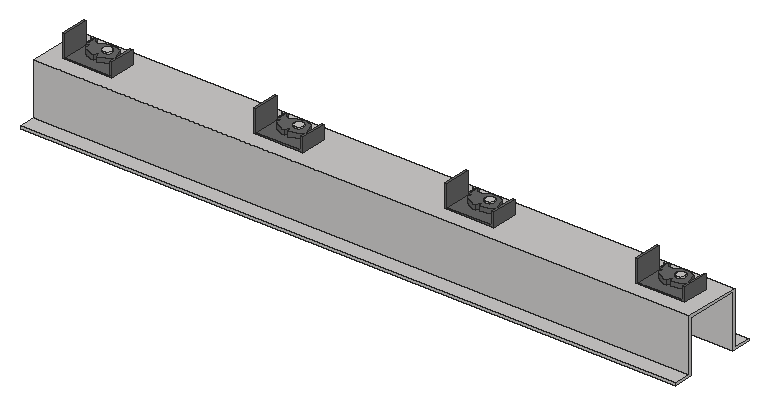
Revit family
Parameters (values of type "4 Holders")
  offset [instance] = 0' - 0"
  Warranty Duration (Years) = 0
  Unit Width = 3' - 0"
  Unit Height = 0' - 5"
  Unit Depth = 0' - 3"
  URL = "http://www.bobrick.com/Pages/default.aspx"
  Specification = ""
  SpecWizard = ""
  Send Message = "http://www.arcat.com/users.pl?action=UserEmail&company=Bobrick+Washroom+Equipment,+Inc.&coid=30988&rep=156&fax=818-503-1930&mf="
  Sales Information = "http://www.bobrick.com/Pages/ContactUs.aspx"
  Revision = "R1_10-2012"
  Product Properties = ""
  Product Data = "http://arcat.com/arcatcos/cos30/arc30988.html?isac=1&r=1"
  No Of  Holder = if(Unit Width = 3' 0", 4, 3)  # 4
  Model = "B-223 x 36"
  Manufacturer Website = "http://www.bobrick.com/Pages/default.aspx"
  Manufacturer Phone - Toll Free = ""
  Manufacturer Phone = "818-764-1000"
  Manufacturer Fax = "818-503-1930"
  Manufacturer Address = "11611 Hart St. North Hollywood, CA 91605-5882"
  Manufacturer = "Bobrick Washroom Equipment, Inc."
  Maintenance Schedule (Months) = 0
  Keynote = "102813"
  Installation-Fabrication = "http://www.bobrick.com/washroomaccessories/Pages/WashroomAccessories.aspx"
  Installation Phase = ""
  Green Building-LEED = ""
  Finish Material = Stainless Steel - Bobrick - Satin
  Expected Lifespan (Years) = 0
  Drawn By = "Sumex Design, Inc. / Robert S. Weygant, CSI, CDT, SCIP"
  Description = "Bobrick B-223 x 36 Surface Mounted Mop and Broom Holder"
  Default Elevation = 4' - 0"
  Copyright = "©Arcat Inc."
  Construction Details = ""
  Assembly Code = "E1090900"
  Accessory Material = Rubber-Bobrick
Types (2): name | Unit Width | No Of  Holder | Model | Description
  4 Holders | 3' - 0" | 4 | "B-223 x 36" | "Bobrick B-223 x 36 Surface Mounted Mop and Broom Holder"
  3 Holders | 2' - 0" | 3 | "B-223 x 24" | "Bobrick B-223 x 24 Surface Mounted Mop and Broom Holder"
Reference planes (in)
  plane 1 "Center (Front/Back)": y = 0
  plane 2 "Bottom": z = 0
  plane 3 "Center (Left/Right)": x = 0
  plane 4 "Front": y = -2.5
  plane 5 "Back": y = 2.5
  plane 6 "Left": x = -18
  plane 7 "Right": x = 18
  plane 8 "Top": z = 3
  plane 9: x = 15.75
  plane 10: x = -15.75
Forms (in)
  Extrusion 1, solid, material "Stainless Steel - Bobrick - Satin" <- "Finish Material"
    sketch origin (0, 0, 0) x (0, 1, 0) y (0, 0, 1)
      loop
        line (1.4375, 2.875) -> (1.4375, 0) -> (2.5, 0) -> (2.5, 0.125) -> (1.5625, 0.125) -> (1.5625, 3) -> (-1.5625, 3) -> (-1.5625, 0.125) -> (-2.5, 0.125) -> (-2.5, 0) -> (-1.4375, 0) -> (-1.4375, 2.875) -> (1.4375, 2.875)
    from -18 to 18
Lines and regions (in)
  model lines
    curve 1: circle (-15.75, 2.01817, 0) r 0.125 normal (0, 0, 1)
    curve 2: circle (-15.75, -2.01817, 0) r 0.125 normal (0, 0, -1)
    curve 3: circle (15.75, 2.01817, 0) r 0.125 normal (0, 0, 1)
    curve 4: circle (15.75, -2.01817, 0) r 0.125 normal (0, 0, -1)
    curve 5: circle (-5.25, 2.01817, 0) r 0.125 normal (0, 0, 1)
    curve 6: circle (-5.25, -2.01817, 0) r 0.125 normal (0, 0, -1)
    curve 7: circle (5.25, 2.01817, 0) r 0.125 normal (0, 0, 1)
    curve 8: circle (5.25, -2.01817, 0) r 0.125 normal (0, 0, -1)
Dimensions and locks (in)
  equal spacing: plane 6 "Left", plane 3 "Center (Left/Right)", plane 7 "Right"
  "Unit Width": plane 6 "Left" to plane 7 "Right"
  equal spacing: plane 5 "Back", plane 1 "Center (Front/Back)", plane 4 "Front"
  "Unit Height": plane 5 "Back" to plane 4 "Front"
  "Unit Depth": plane 8 "Top" to level
  locked: Extrusion 1 sketch curve to plane 8 "Top" at 0.125
  equal spacing: group 1, group 3, group 4, group 2  (x3)
  locked: plane 6 "Left" to plane 10 at 2.25
  locked: plane 9 to plane 7 "Right" at 2.25
  aligned and locked: Extrusion 1 sketch curve to plane 5 "Back"
  aligned and locked: plane 4 "Front" to Extrusion 1 sketch curve
  aligned and locked: plane 7 "Right" to Extrusion 1
  aligned and locked: Extrusion 1 to plane 6 "Left"
  aligned and locked: plane 10 to nested 1
  aligned and locked: plane 9 to nested 2
Automatic sketch dimensions
  Extrusion 1 sketch curve to plane 8 "Top" = 0' - 0"
  Extrusion 1 sketch curve to level = 0' - 0"  (x2)
  plane 4 "Front" to Extrusion 1 sketch curve = 0' - 0 15/16"
  Extrusion 1 sketch curve to Extrusion 1 sketch curve = 0' - 0 1/8"  (x4)
  Extrusion 1 sketch curve to plane 5 "Back" = 0' - 1 1/16"
  curve 5 to curve 6 = 0' - 0"
  curve 6 to curve 5 = 0' - 4.03633"
  curve 1 to curve 2 = 0' - 0"
  curve 2 to curve 1 = 0' - 4.03633"
  curve 3 to curve 4 = 0' - 0"
  curve 4 to curve 3 = 0' - 4.03633"
  curve 7 to curve 8 = 0' - 0"
  curve 8 to curve 7 = 0' - 4.03633"
  radius of curve 2 = 0' - 0 1/8"
  radius of curve 4 = 0' - 0 1/8"
  radius of curve 6 = 0' - 0 1/8"
  radius of curve 5 = 0' - 0 1/8"
  radius of curve 1 = 0' - 0 1/8"
  radius of curve 3 = 0' - 0 1/8"
  radius of curve 8 = 0' - 0 1/8"
  radius of curve 7 = 0' - 0 1/8"
Nested families (in)
  nested 1: "Hook" at (-15.75, 0.53863, 3), type "Hook"
    with offset 0' - 0"
  nested 2: "Hook" at (15.75, 0.53863, 3), type "Hook"
    with offset 0' - 0"
  nested 3: "Hook" at (-5.25, 0.53863, 3), type "Hook"
    with offset 0' - 0"
  nested 4: "Hook" at (5.25, 0.53863, 3), type "Hook"
    with offset 0' - 0"
Definition of nested family "Hook"
  Parameters (values of type "Hook")
    offset [instance] = 0' - 0"
    Warranty Duration (Years) = 0
    Unit Width = 0' - 0"
    Unit Height = 0' - 0"
    Unit Depth = 0' - 0"
    URL = "http://www.bobrick.com/Pages/default.aspx"
    Specification = ""
    SpecWizard = ""
    Send Message = "http://www.arcat.com/users.pl?action=UserEmail&company=Bobrick+Washroom+Equipment,+Inc.&coid=30988&rep=156&fax=818-503-1930&mf="
    Sales Information = "http://www.bobrick.com/Pages/ContactUs.aspx"
    Revision = "R1_10-2012"
    Product Properties = ""
    Product Data = "http://arcat.com/arcatcos/cos30/arc30988.html?isac=1&r=1"
    Model = "As Specified"
    Manufacturer Website = "http://www.bobrick.com/Pages/default.aspx"
    Manufacturer Phone - Toll Free = ""
    Manufacturer Phone = "818-764-1000"
    Manufacturer Fax = "818-503-1930"
    Manufacturer Address = "11611 Hart St. North Hollywood, CA 91605-5882"
    Manufacturer = "Bobrick Washroom Equipment, Inc."
    Maintenance Schedule (Months) = 0
    Keynote = "102813"
    Installation-Fabrication = "http://www.bobrick.com/washroomaccessories/Pages/WashroomAccessories.aspx"
    Installation Phase = ""
    Green Building-LEED = ""
    Expected Lifespan (Years) = 0
    Drawn By = "Sumex Design, Inc. / Robert S. Weygant, CSI, CDT, SCIP"
    Description = "Bobrick Washroom Accessory as Specified"
    Default Elevation = 4' - 0"
    Copyright = "©Arcat Inc."
    Construction Details = ""
    Assembly Code = "E1090900"
    Accessory Material = Rubber-Bobrick
  Reference planes (in)
    plane 1 "Center (Front/Back)": y = 0
    plane 2 "Bottom": z = 0
    plane 3 "Center (Left/Right)": x = 0
    plane 4 "Top": z = 0
  Forms (in)
    Extrusion 1, solid, material "Rubber-Bobrick" <- "Accessory Material"
      sketch origin (0, 0, -3) x (1, 0, 0) y (0, 0, 1)
        loop
          line (-0.67514, 3.75) -> (-0.67514, 3.5) -> (1.21875, 3.5) -> (1.21875, 3.0625) -> (-1.2516, 3.0625) -> (-1.2516, 4.25) -> (-1.35553, 4.25) -> (-1.35553, 3) -> (1.34375, 3) -> (1.34375, 3.75) -> (-0.67514, 3.75)
      from -0.1777 to 1.25497
    Extrusion 2, void
      sketch origin (0, 0, -3) x (1, 0, 0) y (0, 1, 0)
        loop
          line (1.21875, -0.8165) -> (1.21875, 0.4612) -> (-0.77682, 0.4612) -> (-0.77682, -1.375) -> (1.21875, -1.375) -> (1.21875, -1.00994)
          arc (1.21875, -1.00994) -> (0.88272, -1.14403) -> (0.53393, -1.2402) r 3.27263
          line (0.53393, -1.2402) -> (0.50634, -1.19467) -> (0.49124, -1.11011) -> (0.48653, -1.0632) -> (0.40557, -1.06358) -> (0.36504, -1.07129) -> (0.34492, -1.23334)
          arc (0.34492, -1.23334) -> (-0.07543, -1.14957) -> (-0.405, -0.87555) r 0.8715
          line (-0.405, -0.87555) -> (-0.3103, -0.77419) -> (-0.37784, -0.67295) -> (-0.48593, -0.72018) -> (-0.53317, -0.6324) -> (-0.45222, -0.56486) -> (-0.48593, -0.46363) -> (-0.5873, -0.48393) -> (-0.61427, -0.3961) -> (-0.5129, -0.32856) -> (-0.54006, -0.22738) -> (-0.64125, -0.24078) -> (-0.67514, -0.15299) -> (-0.42511, -0.09898)
          arc (-0.42511, -0.09898) -> (-0.35145, -0.24855) -> (-0.20907, -0.33528) r 0.29851
          arc (-0.20907, -0.33528) -> (-0.02004, -0.27724) -> (0.12187, -0.13954) r 0.42247
          line (0.12187, -0.13954) -> (0.29758, -0.09219) -> (0.56396, -0.09519)
          arc (0.56396, -0.09519) -> (0.81863, -0.14857) -> (1.03379, -0.29491) r 0.6703
          line (1.03379, -0.29491) -> (1.21875, -0.8165)
        loop
          circle (0.56194, -0.57145) r 0.25
      from 3.42848 to 3.92933
    Extrusion 3, solid, material "Stainless Steel - Bobrick - Satin"
      sketch origin (1.34375, -0.12003, 0.0625) x (-1, 0, 0) y (0, -1, 0)
        loop
          circle (0.78181, 0.45142) r 0.25
      from 0.4375 to 0.73027
  Cuts and joins
    Extrusion 2 cuts Extrusion 1
  Dimensions and locks (in)
    "Unit Depth": plane 4 "Top" to level
    aligned: cut or joined group of Extrusion 1, Extrusion 2 to Extrusion 3
  Automatic sketch dimensions
    Extrusion 1 to Extrusion 3 sketch curve = 0' - 0.65681"
    Extrusion 1 to Extrusion 3 sketch curve = 0' - 0.68352"
    Extrusion 1 sketch curve to level = 0' - 0"
    Extrusion 1 sketch curve to plane 3 "Center (Left/Right)" = 0' - 1.35553"
    level to Extrusion 1 sketch curve = 0' - 0 1/2"
    plane 3 "Center (Left/Right)" to Extrusion 1 sketch curve = 0' - 1 7/32"
    Extrusion 1 sketch curve to Extrusion 1 sketch curve = 0' - 0 1/8"
    level to Extrusion 1 sketch curve = 0' - 0 1/16"
    Extrusion 1 sketch curve to Extrusion 1 sketch curve = 0' - 0 1/4"
    Extrusion 1 sketch curve to Extrusion 1 sketch curve = 0' - 0.10393"
    Extrusion 1 sketch curve to plane 3 "Center (Left/Right)" = 0' - 0.67514"
    Extrusion 1 sketch curve to Extrusion 1 sketch curve = 0' - 0 1/2"
    Extrusion 2 sketch curve to plane 3 "Center (Left/Right)" = 0' - 0.77682"
    plane 1 "Center (Front/Back)" to Extrusion 2 sketch curve = 0' - 0.15299"
    Extrusion 2 sketch curve to Extrusion 2 sketch curve = 0' - 0.10168"
    plane 1 "Center (Front/Back)" to Extrusion 2 sketch curve = 0' - 0.24078"
    Extrusion 2 sketch curve to Extrusion 2 sketch curve = 0' - 0.03388"
    Extrusion 2 sketch curve to Extrusion 2 sketch curve = 0' - 0.02698"
    Extrusion 2 sketch curve to Extrusion 2 sketch curve = 0' - 0.02697"
    plane 1 "Center (Front/Back)" to Extrusion 2 sketch curve = 0' - 0.22738"
    Extrusion 2 sketch curve to Extrusion 2 sketch curve = 0' - 0.10119"
    Extrusion 2 sketch curve to Extrusion 2 sketch curve = 0' - 0.05413"
    Extrusion 2 sketch curve to Extrusion 2 sketch curve = 0' - 0.02716"
    Extrusion 2 sketch curve to Extrusion 2 sketch curve = 0' - 0.10137"  (x2)
    Extrusion 2 sketch curve to Extrusion 2 sketch curve = 0' - 0.04723"  (x2)
    Extrusion 2 sketch curve to Extrusion 2 sketch curve = 0' - 0.08094"
    Extrusion 2 sketch curve to Extrusion 2 sketch curve = 0' - 0.11495"
    Extrusion 2 sketch curve to Extrusion 2 sketch curve = 0' - 0.08093"  (x2)
    Extrusion 2 sketch curve to Extrusion 2 sketch curve = 0' - 0.10809"
    Extrusion 2 sketch curve to Extrusion 2 sketch curve = 0' - 0.06754"  (x2)
    Extrusion 2 sketch curve to plane 1 "Center (Front/Back)" = 0' - 0.08639"
    Extrusion 2 sketch curve to plane 3 "Center (Left/Right)" = 0' - 0.23511"
    Extrusion 2 sketch curve to plane 3 "Center (Left/Right)" = 0' - 0.20907"
    Extrusion 2 sketch curve to plane 3 "Center (Left/Right)" = 0' - 0.16031"
    plane 1 "Center (Front/Back)" to Extrusion 2 sketch curve = 0' - 0.04713"
    Extrusion 2 sketch curve to plane 3 "Center (Left/Right)" = 0' - 0.13114"
    plane 3 "Center (Left/Right)" to Extrusion 2 sketch curve = 0' - 0.12187"
    plane 1 "Center (Front/Back)" to Extrusion 2 sketch curve = 0' - 0.09219"
    Extrusion 2 sketch curve to Extrusion 2 sketch curve = 0' - 0.1757"
    Extrusion 2 sketch curve to Extrusion 2 sketch curve = 0' - 0.00227"
    plane 3 "Center (Left/Right)" to Extrusion 2 sketch curve = 0' - 0.34492"
    Extrusion 2 sketch curve to Extrusion 2 sketch curve = 0' - 0.02012"
    Extrusion 2 sketch curve to Extrusion 2 sketch curve = 0' - 0.04054"
    Extrusion 2 sketch curve to Extrusion 2 sketch curve = 0' - 0.08096"
    Extrusion 2 sketch curve to Extrusion 2 sketch curve = 0' - 0.00472"
    Extrusion 2 sketch curve to Extrusion 2 sketch curve = 0' - 0.01509"
    Extrusion 2 sketch curve to Extrusion 2 sketch curve = 0' - 0.0276"
    Extrusion 2 sketch curve to Extrusion 2 sketch curve = 0' - 0.06988"
    Extrusion 2 sketch curve to Extrusion 2 sketch curve = 0' - 0.00554"
    plane 1 "Center (Front/Back)" to Extrusion 2 sketch curve = 0' - 0.09519"
    Extrusion 2 sketch curve to Extrusion 2 sketch curve = 0' - 0.26638"
    plane 1 "Center (Front/Back)" to Extrusion 2 sketch curve = 0' - 0.29491"
    Extrusion 2 sketch curve to Extrusion 2 sketch curve = 0' - 0.46983"
    Extrusion 2 sketch curve to Extrusion 2 sketch curve = 0' - 0.66235"
    Extrusion 2 sketch curve to Extrusion 2 sketch curve = 0' - 0.18496"
    Extrusion 2 sketch curve to Extrusion 2 sketch curve = 0' - 0.54681"
    Extrusion 2 sketch curve to Extrusion 2 sketch curve = 0' - 0.52159"
    Extrusion 2 sketch curve to Extrusion 2 sketch curve = 0' - 0.19344"
    Extrusion 2 sketch curve to Extrusion 2 sketch curve = 0' - 0.29774"
    Extrusion 2 sketch curve to Extrusion 2 sketch curve = 0' - 0.00039"
    Extrusion 2 sketch curve to Extrusion 2 sketch curve = 0' - 0.00771"
    Extrusion 2 sketch curve to Extrusion 2 sketch curve = 0' - 0.04692"
    Extrusion 2 sketch curve to Extrusion 2 sketch curve = 0' - 0.08456"
    Extrusion 2 sketch curve to Extrusion 2 sketch curve = 0' - 0.16205"
    Extrusion 2 sketch curve to Extrusion 2 sketch curve = 0' - 0.04554"
    Extrusion 2 sketch curve to Extrusion 2 sketch curve = 0' - 0.49945"
    Extrusion 2 sketch curve to Extrusion 2 sketch curve = 0' - 0.15537"
    Extrusion 2 sketch curve to Extrusion 2 sketch curve = 0' - 0.08778"
    Extrusion 2 sketch curve to Extrusion 2 sketch curve = 0' - 0.194"
    Extrusion 2 sketch curve to Extrusion 2 sketch curve = 0' - 0.0203"
    Extrusion 2 sketch curve to Extrusion 2 sketch curve = 0' - 0.08783"
    Extrusion 2 sketch curve to Extrusion 2 sketch curve = 0' - 0.28816"
    Extrusion 2 sketch curve to Extrusion 2 sketch curve = 0' - 0.10118"
    Extrusion 2 sketch curve to plane 1 "Center (Front/Back)" = 0' - 0.4612"
    radius of Extrusion 3 sketch curve = 0' - 0 1/4"
    radius of Extrusion 2 sketch curve = 0' - 0 1/4"
